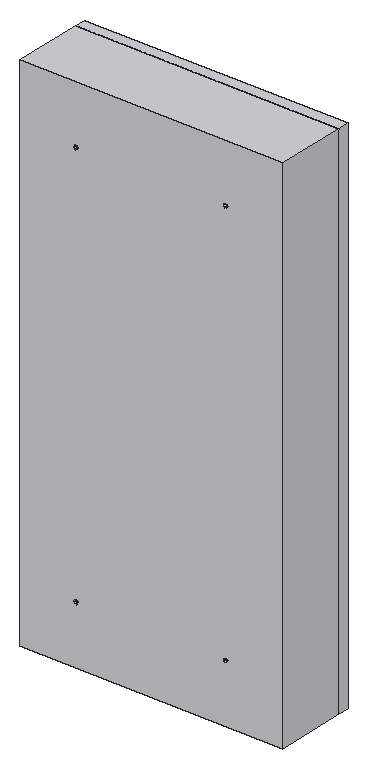
Revit family "AX9207_0002", category Appareils sanitaires, Revit 2016
Family settings
  Hôte = Mur
  Type d'élément = Normal
  Cote de connecteur circulaire = Utiliser le diamètre
  Numéro OmniClass = 23.75.00.00
  Titre OmniClass = Climate Control (HVAC)
  Toujours verticalement = Oui
  Couper avec des vides une fois chargée = Non
  Partagée = Non
  Point de calcul de pièce = Non
Parameters (values of type "Type 1")
  URL = "https://www.axeuro.com/fr/combines-2-en-1/25545-combine-distributeur-d-essuie-mains-et-poubelle-ax9207.html?search_query=ax9207&results=2"
  Modèle = "AX9207"  # constant formula
  Fabricant = "Axeuro"  # constant formula
  Description = "Combiné distributeur d'essuie-mains et poubelle"  # constant formula
Reference planes
  plane 1 "Mur": y = 0
  plane 2 "Centre (gauche/droite)": x = 0
  plane 3 "Arrière": y = 75
Forms (mm)
  Extrusion 1, solid
    sketch origin (-115.2, 170, 180.521) x (1, 0, 0) y (0, 0, 1)
      loop
        line (293.2, 1199.919) -> (-62.8, 1199.919) -> (-62.8, 488.919) -> (293.2, 488.919) -> (293.2, 1199.919)
    from -15 to 0
  Extrusion 2, solid
    sketch origin (-307.535, 170, -381.507) x (1, 0, 0) y (0, 0, 1)
      loop
        line (485.535, 1761.947) -> (129.535, 1761.947) -> (129.535, 1050.947) -> (485.535, 1050.947) -> (485.535, 1761.947)
    from 0 to 95
  Extrusion 3, void
    sketch origin (-221.536, 169, 0.01) x (1, 0, 0) y (0, 0, 1)
      loop
        circle (120, 1301.44) r 3
    from 91.788 to 94
  Extrusion 4, void
    sketch origin (-18.498, 169, 0.01) x (1, 0, 0) y (0, 0, 1)
      loop
        circle (120, 1301.44) r 3
    from 91.788 to 94
  Extrusion 5, void
    sketch origin (-221.536, 169, -552.141) x (1, 0, 0) y (0, 0, 1)
      loop
        circle (120, 1301.44) r 3
    from 91.788 to 94
  Extrusion 6, void
    sketch origin (-18.498, 169, -552.141) x (1, 0, 0) y (0, 0, 1)
      loop
        circle (120, 1301.44) r 3
    from 91.788 to 94
  Extrusion 7, solid, not visible
    sketch origin (2.754, 75, -43.399) x (1, 0, 0) y (0, 0, 1)
      loop
        circle (125.604, 1575.159) r 8.25
    from -15 to -12.919
  Extrusion 8, void, not visible
    sketch origin (-0.165, 75, -0.43) x (1, 0, 0) y (0, 0, 1)
      loop
        line (129.522, 1537.139) -> (127.522, 1537.139) -> (127.522, 1527.239) -> (129.522, 1527.239) -> (129.522, 1537.139)
    from -15 to -12.919
  Extrusion 9, void
    sketch origin (442.756, 170.212, -18.307) x (1, 0, 0) y (0, 0, 1)
      loop
        line (-567.792, 1188.248) -> (-567.792, 989.248)
        arc (-567.792, 989.248) -> (-566.822, 984.126) -> (-564.046, 979.715) r 14.002
        arc (-564.046, 979.715) -> (-442.756, 963.748) -> (-321.466, 979.715) r 468.648
        arc (-321.466, 979.715) -> (-318.69, 984.126) -> (-317.72, 989.248) r 14.002
        line (-317.72, 989.248) -> (-317.72, 1188.248)
        arc (-317.72, 1188.248) -> (-318.69, 1193.369) -> (-321.466, 1197.78) r 14.002
        arc (-321.466, 1197.78) -> (-442.756, 1213.748) -> (-564.046, 1197.78) r 468.648
        arc (-564.046, 1197.78) -> (-566.822, 1193.369) -> (-567.792, 1188.248) r 14.002
    from -15 to 93
  Revolve 10, solid
    sketch origin (123.987, 1.985, -699.436) x (0, 1, 0) y (0, 0, 1)
      loop
        line (183.015, 1951.576) -> (183.015, 1947.779) -> (188.973, 1947.779)
        arc (188.973, 1947.779) -> (186.535, 1950.527) -> (183.015, 1951.576) r 6.699
      axis (188.973, 1939.978) -> (183.015, 1939.978)
    angle from 0 to 360
  Extrusion 11, solid
    sketch origin (123.987, 76.985, -699.436) x (1, 0, 0) y (0, 0, 1)
      loop
        circle (0, 1940.019) r 7.777
    from -113.973 to -108.015
  Extrusion 12, void
    sketch origin (126.188, 76.985, -698.799) x (1, 0, 0) y (0, 0, 1)
      loop
        line (-0.713, 1944.317) -> (-3.713, 1944.317) -> (-3.713, 1934.447) -> (-0.713, 1934.447) -> (-0.713, 1944.317)
    from -113.973 to -108.015
  Revolve 13, solid, not visible
    sketch origin (195.933, -84.672, 18.451) x (0, 1, 0) y (0, 0, 1)
      loop
        line (183.015, 1951.576) -> (183.015, 1947.779) -> (188.973, 1947.779)
        arc (188.973, 1947.779) -> (186.535, 1950.527) -> (183.015, 1951.576) r 6.699
      axis (188.973, 1939.978) -> (183.015, 1939.978)
    angle from 0 to 360
  Extrusion 14, solid, not visible
    sketch origin (195.933, 212.316, 18.451) x (1, 0, 0) y (0, 0, 1)
      loop
        circle (0, 1940.019) r 7.777
    from -113.973 to -108.015
  Extrusion 15, void, not visible
    sketch origin (198.134, 212.316, 19.088) x (1, 0, 0) y (0, 0, 1)
      loop
        line (-0.713, 1944.317) -> (-3.713, 1944.317) -> (-3.713, 1934.447) -> (-0.713, 1934.447) -> (-0.713, 1944.317)
    from -113.973 to -108.015
  Revolve 16, solid
    sketch origin (123.987, 1.985, -1130.44) x (0, 1, 0) y (0, 0, 1)
      loop
        line (183.015, 1951.576) -> (183.015, 1947.779) -> (188.973, 1947.779)
        arc (188.973, 1947.779) -> (186.535, 1950.527) -> (183.015, 1951.576) r 6.699
      axis (188.973, 1939.978) -> (183.015, 1939.978)
    angle from 0 to 360
  Extrusion 17, solid
    sketch origin (123.987, 76.985, -1130.44) x (1, 0, 0) y (0, 0, 1)
      loop
        circle (0, 1940.019) r 7.777
    from -113.973 to -108.015
  Extrusion 18, void
    sketch origin (126.188, 76.985, -1129.802) x (1, 0, 0) y (0, 0, 1)
      loop
        line (-0.713, 1944.317) -> (-3.713, 1944.317) -> (-3.713, 1934.447) -> (-0.713, 1934.447) -> (-0.713, 1944.317)
    from -113.973 to -108.015
Cuts and joins
  Extrusion 3, Extrusion 4, Extrusion 9, Extrusion 18 cuts Extrusion 1
  Extrusion 3, Extrusion 4, Extrusion 5, Extrusion 6, Extrusion 9 cuts Extrusion 2
  Extrusion 12, Extrusion 18 cuts Extrusion 11
  Extrusion 18 cuts Extrusion 17
Text (mm)
  text "Côté de la mise en place" at (-1820.995, 1116.779, 0), in view "Niveau de réf."
  text "Côté de la mise en place" at (0, 1334.055, 2976.191), in view "Gauche"
  text "Côté de la mise en place" at (0, 439.194, 2944.362), in view "Droite"
Dimensions and locks
  locked: plane 3 "Arrière" to host wall
  aligned and locked: plane 1 "Mur" to host wall
